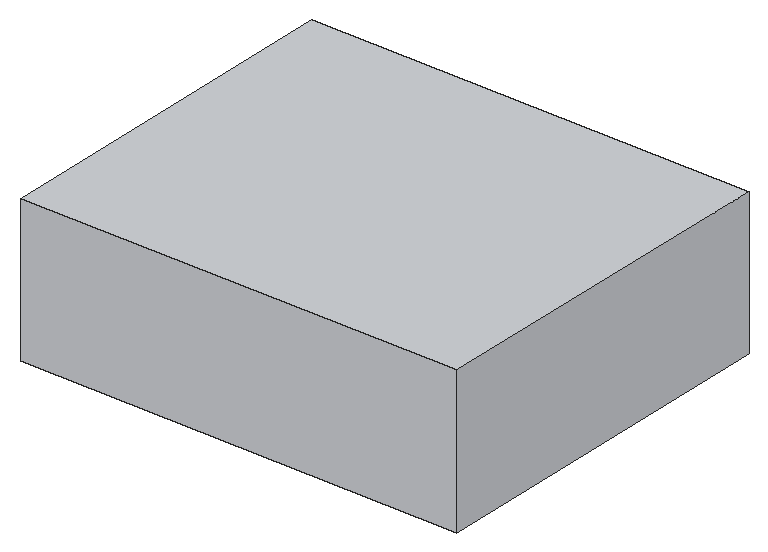
Revit family "Door_Coiling_Dynaco_Control-Box", category Generic Models, host Face, Revit 2026
Family settings
  Host = Face
  Can host rebar = No
  Round Connector Dimension = Use Diameter
  Part Type = Normal
  Classification Number = 23.30.10.17.27.11
  Cut with Voids When Loaded = No
  Maintain Annotation Orientation = No
  Shared = No
  Room Calculation Point = No
Parameters
  Unit Width [instance] = 2' - 0"
  Unit Height [instance] = 1' - 8"
  Unit Depth [instance] = 0' - 8"
  URL = "http://www.dynacodoor.us/"
  Type Comments = "Contact Dynaco for Size required for your door."
  Specification = "http://www.arcat.com/sdspecs/htm04/08_34_53dyn.htm"
  Recess Into Host [instance] = 0' - 0"
  Product Page URL = "https://www.arcat.com/arcatcos/cos43/arc43992.html"
  Model = "As Specified"
  Manufacturer = "Dynaco/Entrematic"
  Keynote = "08 34 00"
  Electrical_Wattage [instance] = 0 W
  Electrical_Voltage [instance] = 0 V
  Electrical_VA [instance] = Electrical_Voltage * Electrical_Amperage  # 0 VA
  Electrical_Phase [instance] = 1
  Electrical_Number of Poles [instance] = 1
  Electrical_Frequency [instance] = 0 Hz
  Electrical_Amperage [instance] = 0 A
  Description = "Dynaco Control Box - Size as Specified"
  Default Elevation = 0' - 0"
  Copyright = "©Arcat Inc."
  Control Box Finish [instance] = none
  CAD Details = "https://www.arcat.com/company/dynaco-43992/cad"
  Assembly Code = "C1020100"
Reference planes (in)
  plane 1 "Center (Front/Back)": y = 0
  plane 2: z = 0
  plane 3 "Center (Left/Right)": x = 0
  plane 4: y = 10
  plane 5: y = -10
  plane 6: x = -12
  plane 7: x = 12
  plane 8: z = 8
  plane 9: z = 0
Forms (in)
  Extrusion 1, solid, material <- "Control Box Finish"
    sketch origin (0, 0, 0) x (1, 0, 0) y (0, 1, 0)
      loop
        line (-12, 10) -> (-12, -10) -> (12, -10) -> (12, 10) -> (-12, 10)
    from 0 to 8
Dimensions and locks (in)
  equal spacing: plane 4, plane 1 "Center (Front/Back)", plane 5
  "Unit Height": plane 4 to plane 5
  equal spacing: plane 6, plane 3 "Center (Left/Right)", plane 7
  "Unit Width": plane 6 to plane 7
  "Unit Depth": plane 8 to plane 9
  "Recess Into Host": level to plane 9
  aligned and locked: plane 2 to host face
  aligned and locked: level to host face
  aligned and locked: Extrusion 1 sketch curve to plane 4
  aligned and locked: plane 5 to Extrusion 1 sketch curve
  aligned and locked: Extrusion 1 sketch curve to plane 7
  aligned and locked: plane 6 to Extrusion 1 sketch curve
  aligned and locked: plane 8 to Extrusion 1
  aligned and locked: Extrusion 1 to plane 9
Automatic sketch dimensions
  host sketch curve to host sketch curve = 8' - 0"  (x2)
Connectors (in)
  electrical at (0, 0, 0), driven by "Electrical_Number of Poles", driven by "Electrical_Voltage", driven by "Electrical_VA"
    settings: on Extrusion 1, index 1, voltage 0 V, apparent load 0 VA, apparent load phase1 0 VA, apparent load phase2 0 VA, apparent load phase3 0 VA, power factor 1, load classification "Other", number of poles 1, system type 31, power factor state 1, is connector primary yes, connector utility no, sub classification motor no, connector description ""
  electrical at (0, 0, 8)
    settings: on Extrusion 1, index 2, voltage 0 V, apparent load 0 VA, apparent load phase1 0 VA, apparent load phase2 0 VA, apparent load phase3 0 VA, power factor 1, load classification "Other", number of poles 1, system type 13, power factor state 1, is connector primary no, connector utility no, sub classification motor no, connector description ""
